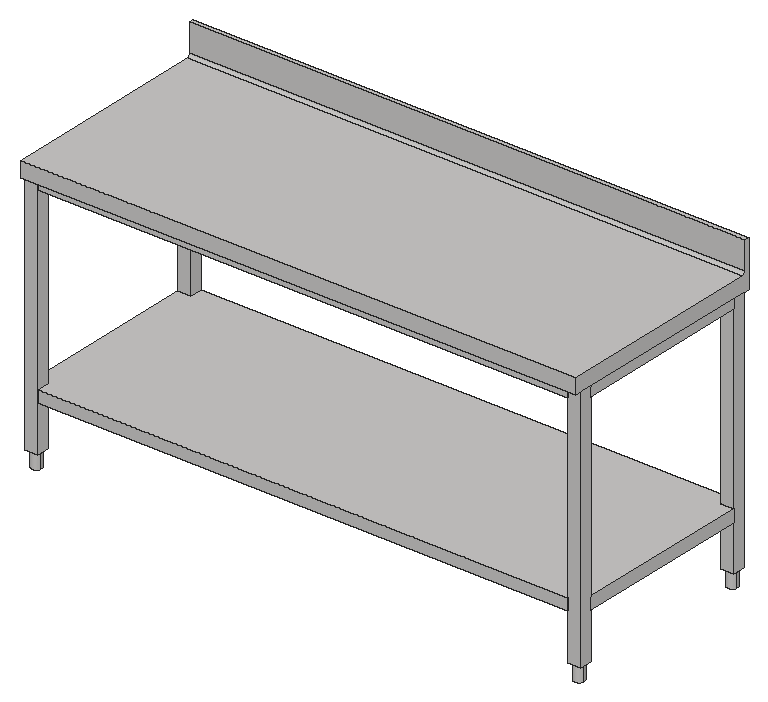
Revit family "QF_ELECTROLUXPROFESSIONAL_134101_LSGTG1810E", category Attrezzature speciali, Revit 2020
Family settings
  Quota connettore circolare = Usa diametro
  Tipo di parte = Normale
  Basato su piano di lavoro = No
  Sempre verticale = Sì
  Taglio con vuoti quando caricato = No
  Condiviso = No
  Punto di calcolo locali = No
Parameters (values of type "Standard")
  Weight = 60.00 kg
  Watts = 0 W
  Volts = 0 V
  URL Manufacturer = "https://www.electroluxprofessional.com/"
  URL = "https://www.electroluxprofessional.com/"
  Steam Supply Size = 0 mm
  Steam Supply Minimum Pressure = 0.0 Pa
  Steam Supply Maximum Pressure = 0.0 Pa
  Steam Consumption per Hour = 0
  Refrigeration Suction Line Size = 0.0 mm
  Refrigeration Liquid Line Size = 0.0 mm
  Refrigerant Compressor Remote = yes
  Prospetto di default = 0.0 mm
  Produttore = "Electrolux Professional"
  Phase = 0
  Modello = "LSGTG1810E"
  Length Actual = 1800.0 mm  # constant formula
  Item Number = "134101"
  Hot Water Size = 0 mm
  Height Actual = 1000.0 mm  # constant formula
  HP = "0 HP"
  Gas Size = 0 mm
  Gas KW = 0
  Gas Input Pressure = 0 W
  Direct Waste Size = 0 mm
  Descrizione = "WORK TABLE  1800 MM+UPSTAND+LOWER SHELF"
  Depth Actual = 700.0 mm  # constant formula
  Cycle = 0 Hz
  Condensate Return Size = 0 mm
  Compressed Air Volume = 0.0 L/s
  Compressed Air Size = 0 mm
  Compressed Air Pressure = 0.0 Pa
  Cold Water Size = 0 mm
  Accessory = yes
Reference planes
  plane 1 "Center (Front/Back)": y = 0
  plane 2: z = 0
  plane 3 "Center (Left/Right)": x = -400
  plane 4 "LEFT": x = -1300
  plane 5 "RIGHT": x = 500
  plane 6 "BACK": y = 350
  plane 7 "FRONT": y = -350
  plane 8 "Base": z = 850
  plane 9 "TOP": z = 900
  plane 10: x = -1280
  plane 11: x = 480
  plane 12: y = 310
  plane 13: y = -310
  plane 14 "TRAVERSI": z = 820
  plane 15: x = -1260
  plane 16: x = 460
  plane 17: y = 290
  plane 18: y = -290
  plane 19: y = 330
  plane 20: y = -330
  plane 21 "Plane": z = 200
Forms (mm)
  Extrusion 1, solid, material "QF_Finishes_Stainless Steel"
    sketch origin (-400, 0, 0) x (0, 1, 0) y (0, 0, 1)
      loop
        line (-350, 850) -> (350, 850) -> (350, 1000) -> (337, 1000) -> (337, 910)
        arc (337, 910) -> (334.071, 902.929) -> (327, 900) r 10
        line (327, 900) -> (-350, 900) -> (-350, 850)
    from 900 to -900
  Extrusion 2, solid, material "QF_Finishes_Stainless Steel"
    sketch origin (0, 0, 820) x (0, 1, 0) y (-1, 0, 0)
      loop
        line (290, -460) -> (-290, -460) -> (-290, -500) -> (290, -500) -> (290, -460)
      loop
        line (290, 1300) -> (-290, 1300) -> (-290, 1260) -> (290, 1260) -> (290, 1300)
    from 0 to 30
  Extrusion 3, solid, material "QF_Finishes_Stainless Steel"
    sketch origin (0, 0, 820) x (0, 1, 0) y (-1, 0, 0)
      loop
        line (330, -460) -> (330, 1260) -> (290, 1260) -> (290, -460) -> (330, -460)
      loop
        line (-290, 1260) -> (-330, 1260) -> (-330, -460) -> (-290, -460) -> (-290, 1260)
    from 0 to 30
  Extrusion 4, solid, material "QF_Finishes_Stainless Steel"
    sketch origin (0, 0, 200) x (0, 1, 0) y (-1, 0, 0)
      loop
        line (290, 1300) -> (-290, 1300) -> (-290, 1260) -> (-330, 1260) -> (-330, -460) -> (-290, -460) -> (-290, -500) -> (290, -500) -> (290, -460) -> (330, -460) -> (330, 1260) -> (290, 1260) -> (290, 1300)
    from 0 to 40
Lines and regions (mm)
  symbolic lines
    curve 1: line (500, 350, 900) -> (-1300, 350, 900)
    curve 2: line (-1300, 350, 900) -> (-1300, -350, 900)
    curve 3: line (-1300, -350, 900) -> (500, -350, 900)
    curve 4: line (500, -350, 900) -> (500, 350, 900)
    curve 5: line (-1300, 337, 820) -> (500, 337, 820)
Dimensions and locks
  plane 4 "LEFT" to plane 5 "RIGHT" = 1800.0 mm
  equal spacing: plane 4 "LEFT", plane 3 "Center (Left/Right)", plane 5 "RIGHT"
  plane 4 "LEFT" to plane 10 = 20.0 mm
  plane 11 to plane 5 "RIGHT" = 20.0 mm
  plane 10 to plane 11 = 1760.0 mm
  plane 6 "BACK" to plane 12 = 40.0 mm
  plane 13 to plane 7 "FRONT" = 40.0 mm
  plane 6 "BACK" to plane 7 "FRONT" = 700.0 mm
  plane 12 to plane 13 = 620.0 mm
  equal spacing: plane 6 "BACK", plane 1 "Center (Front/Back)", plane 7 "FRONT"
  plane 8 "Base" to plane 14 "TRAVERSI" = 30.0 mm
  locked: plane 10 to plane 15 at 20
  locked: plane 16 to plane 11 at 20
  locked: plane 19 to plane 12 at 20
  locked: plane 12 to plane 17 at 20
  locked: plane 18 to plane 13 at 20
  locked: plane 13 to plane 20 at 20
  locked: plane 8 "Base" to level at 850
  locked: Extrusion 1 to level at 1000
  locked: plane 21 "Plane" to level at 200
  aligned and locked: level to plane 2
  aligned and locked: plane 10 to nested 1
  aligned and locked: nested 1 to plane 13
  aligned and locked: plane 11 to nested 2
  aligned and locked: nested 2 to plane 13
  aligned and locked: plane 11 to nested 4
  aligned and locked: nested 4 to plane 12
  aligned and locked: plane 10 to nested 3
  aligned and locked: nested 3 to plane 12
  aligned and locked: Extrusion 1 to plane 4 "LEFT"
  aligned and locked: plane 5 "RIGHT" to Extrusion 1
  aligned and locked: curve 2 to plane 4 "LEFT"
  aligned and locked: Extrusion 2 sketch curve to plane 5 "RIGHT"
  aligned and locked: Extrusion 2 sketch curve to plane 17  (x2)
  aligned and locked: plane 16 to Extrusion 2 sketch curve
  aligned and locked: plane 18 to Extrusion 2 sketch curve  (x2)
  aligned and locked: plane 4 "LEFT" to Extrusion 2 sketch curve
  aligned and locked: Extrusion 2 sketch curve to plane 15
  aligned and locked: plane 19 to Extrusion 3 sketch curve
  aligned and locked: Extrusion 3 sketch curve to plane 17
  aligned and locked: Extrusion 3 sketch curve to plane 18
  aligned and locked: plane 20 to Extrusion 3 sketch curve
  aligned and locked: Extrusion 3 sketch curve to plane 15
  aligned and locked: plane 15 to Extrusion 3 sketch curve
  aligned and locked: plane 16 to Extrusion 3 sketch curve
  aligned and locked: Extrusion 3 sketch curve to plane 16
  aligned and locked: curve 5 to Extrusion 1
  aligned and locked: plane 19 to Extrusion 4 sketch curve
  aligned and locked: plane 5 "RIGHT" to Extrusion 4 sketch curve
  aligned and locked: Extrusion 4 sketch curve to plane 4 "LEFT"
  aligned and locked: Extrusion 4 sketch curve to plane 20
  aligned and locked: Extrusion 4 sketch curve to Extrusion 2
  aligned and locked: Extrusion 4 sketch curve to plane 15
  aligned and locked: plane 17 to Extrusion 4 sketch curve  (x2)
  aligned and locked: Extrusion 4 sketch curve to plane 18  (x2)
  aligned and locked: plane 16 to Extrusion 4 sketch curve  (x2)
Automatic sketch dimensions
  curve 3 to plane 7 "FRONT" = 0.0 mm
  curve 4 to plane 6 "BACK" = 0.0 mm
  curve 4 to plane 5 "RIGHT" = 0.0 mm
  Extrusion 1 sketch curve to plane 7 "FRONT" = 0.0 mm
  Extrusion 1 sketch curve to plane 9 "TOP" = 0.0 mm
  Extrusion 1 sketch curve to plane 6 "BACK" = 0.0 mm
  Extrusion 1 sketch curve to plane 8 "Base" = 0.0 mm
  Extrusion 1 sketch curve to plane 19 = 3.0 mm
  plane 19 to Extrusion 1 sketch curve = 7.0 mm
  Extrusion 1 sketch curve to Extrusion 1 sketch curve = 90.0 mm
  curve 5 to plane 5 "RIGHT" = 0.0 mm
  curve 5 to plane 4 "LEFT" = 0.0 mm
Nested families
  nested 1: "FEET_40x40_P50" at (-1280, -310, 0), type "FEET_40x40_P50"
  nested 2: "FEET_40x40_P50" at (480, -310, 0), type "FEET_40x40_P50"
  nested 3: "FEET_40x40_P50" at (-1280, 310, 0), type "FEET_40x40_P50"
  nested 4: "FEET_40x40_P50" at (480, 310, 0), type "FEET_40x40_P50"
Definition of nested family "FEET_40x40_P50"
  Parameters
    Default Elevation = 0.0 mm
    FEET = 850.0 mm
  Reference planes
    plane 1 "Center (Front/Back)": y = 0
    plane 2: z = 0
    plane 3 "Center (Left/Right)": x = 0
    plane 4: z = 850
  Forms (mm)
    Extrusion 1, solid
      sketch origin (0, 0, 0) x (1, 0, 0) y (0, 1, 0)
        loop
          line (-20, -20) -> (20, -20) -> (20, 20) -> (-20, 20) -> (-20, -20)
      from 50 to 850
    Extrusion 2, solid
      sketch origin (0, 0, 0) x (1, 0, 0) y (0, 1, 0)
        loop
          circle (0, 0) r 16
      from 0 to 50
  Lines and regions (mm)
    symbolic lines
      curve 1: line (0, -1.503, 0) -> (0, 1.508, 0)
      curve 2: line (1.561, 0, 0) -> (-1.439, 0, 0)
  Dimensions and locks
    "FEET": plane 4 to plane 2
    aligned and locked: level to plane 2
  Automatic sketch dimensions
    Extrusion 1 sketch curve to plane 3 "Center (Left/Right)" = 20.0 mm
    plane 3 "Center (Left/Right)" to Extrusion 1 sketch curve = 20.0 mm
    plane 1 "Center (Front/Back)" to Extrusion 1 sketch curve = 20.0 mm
    Extrusion 1 sketch curve to plane 1 "Center (Front/Back)" = 20.0 mm
    plane 1 "Center (Front/Back)" to Extrusion 2 sketch curve = 0.0 mm
    Extrusion 2 sketch curve to plane 3 "Center (Left/Right)" = 0.0 mm
    plane 1 "Center (Front/Back)" to curve 2 = 0.0 mm
    curve 1 to plane 3 "Center (Left/Right)" = 0.0 mm
    curve 2 to plane 3 "Center (Left/Right)" = 1.439 mm
    plane 3 "Center (Left/Right)" to curve 2 = 1.561 mm
    plane 1 "Center (Front/Back)" to curve 1 = 1.503 mm
    curve 1 to plane 1 "Center (Front/Back)" = 1.508 mm
    radius of Extrusion 2 sketch curve = 16.0 mm
